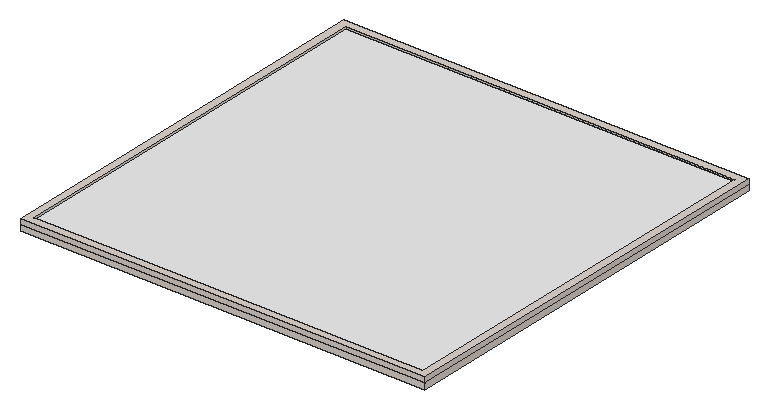
Revit family "SKY LED FLAT PANEL", category Lighting Fixtures, host Face, Revit 2020 (continued)
Types (13): name | Wattage | WATTS | built-in parameter 1150134 | Replaces/Equiv.(MH) | Photometric Web File | Order number | built-in parameter 1150142 | Model | built-in parameter 1150105 | Lumens | built-in parameter 1150107 | built-in parameter 1150106 | Fixture Width | Fixture Length | Default Elevation | Apparent Load
    48     \r\n 1.57     1.65     1.74     1.82     1.91     1.99     2.08     2.16     2.24     2.33     \r\n 2.41     2.50     2.58     2.66     2.74     2.81     2.89     2.96     3.03     3.10     \r\n 3.17     3.24     3.31     3.38     3.46     3.53     3.60     3.67     3.73     3.80     \r\n 3.87     3.94     4.00     4.07     4.14     4.21     4.26     4.33     4.39     4.46     \r\n 4.52     4.58     4.64     4.71     4.77     4.84     4.90     4.97     5.04     5.10     \r\n 5.17     5.24     5.31     5.37     5.44     5.51     5.58     5.65     5.72     5.78     \r\n 5.85     5.92     5.99     6.05     6.12     6.19     6.26     6.32     6.38     6.43     \r\n 6.48     6.52     6.55     6.56     6.56     6.56     6.56     6.56     6.56     6.55     \r\n 5.97     \r\n1298.22  1296.44  1294.33  1291.58  1288.51  1285.22  1281.17  1276.67  1271.87  1266.61  \r\n 1260.89  1254.62  1248.13  1240.99  1233.66  1225.60  1217.31  1208.80  1199.91  1190.48  \r\n 1180.77  1170.85  1159.96  1149.37  1137.81  1126.63  1114.75  1102.56  1090.00  1077.13  \r\n 1064.06  1050.54  1036.51  1022.41  1008.37  993.77   978.47   963.31   947.89   932.25   \r\n 915.90   899.67   883.16   866.24   849.26   831.78   814.43   796.52   778.44   760.62   \r\n 741.82   723.50   704.59   685.73   666.27   647.22   627.44   607.84   588.24   568.42   \r\n 548.08   528.10   507.52   487.23   466.94   446.31   425.93   405.16   385.04   364.18   \r\n 344.19   323.69   303.82   283.43   263.69   244.19   224.78   205.55   186.55   168.18   \r\n 149.85   132.02   114.66   97.75    81.14    65.59    50.03    35.24    21.45    8.23     \r\n 1.10     0.95     1.02     1.10     1.18     1.26     1.34     1.43     1.51     1.60     \r\n 1.69     1.78     1.87     1.96     2.05     2.14     2.23     2.32     2.41     2.50     \r\n 2.59     2.67     2.76     2.84     2.93     3.01     3.08     3.16     3.24     3.30     \r\n 3.37     3.43     3.50     3.57     3.65     3.72     3.78     3.85     3.91     3.98     \r\n 4.04     4.11     4.17     4.23     4.29     4.35     4.40     4.46     4.52     4.57     \r\n 4.63     4.67     4.71     4.76     4.83     4.91     5.00     5.08     5.14     5.19     \r\n 5.25     5.31     5.38     5.44     5.50     5.57     5.63     5.69     5.76     5.82     \r\n 5.89     5.95     6.02     6.09     6.15     6.21     6.27     6.34     6.40     6.46     \r\n 6.52     6.58     6.64     6.69     6.70     6.69     6.69     6.68     6.68     6.66     \r\n 5.97     \r\n1298.22  1296.60  1294.36  1291.91  1288.82  1285.26  1281.14  1276.83  1271.93  1266.58  \r\n 1260.81  1254.59  1248.23  1240.99  1233.83  1225.93  1217.94  1209.13  1200.25  1190.99  \r\n 1181.52  1171.24  1160.67  1150.23  1138.94  1127.46  1115.85  1103.93  1091.34  1078.65  \r\n 1065.39  1052.34  1038.46  1024.92  1009.99  995.99   981.06   965.92   950.66   934.75   \r\n 919.06   902.71   886.66   869.45   852.79   835.78   818.35   800.50   782.48   764.76   \r\n 746.38   727.86   708.87   690.09   671.09   651.77   632.30   612.63   592.75   573.16   \r\n 552.73   532.79   512.17   492.09   471.39   451.01   430.27   409.75   389.44   368.71   \r\n 348.34   327.80   307.87   287.46   267.50   247.84   228.47   209.02   190.37   171.17   \r\n 153.10   135.04   117.64   100.61   83.57    67.75    51.79    36.79    22.84    9.95     \r\n 1.31     1.01     1.06     1.12     1.19     1.27     1.34     1.42     1.51     1.59     \r\n 1.68     1.77     1.86     1.95     2.04     2.13     2.22     2.31     2.40     2.49     \r\n 2.58     2.67     2.75     2.84     2.92     3.00     3.08     3.16     3.23     3.30     \r\n 3.37     3.43     3.50     3.57     3.64     3.71     3.78     3.85     3.91     3.98     \r\n 4.04     4.11     4.17     4.23     4.30     4.36     4.43     4.49     4.56     4.62     \r\n 4.69     4.74     4.80     4.87     4.95     5.03     5.14     5.24     5.30     5.37     \r\n 5.44     5.51     5.57     5.64     5.71     5.78     5.85     5.91     5.98     6.05     \r\n 6.12     6.18     6.24     6.30     6.37     6.43     6.49     6.53     6.58     6.62     \r\n 6.65     6.67     6.69     6.69     6.68     6.68     6.67     6.67     6.66     6.65     \r\n 5.97     \r\n1298.22  1296.47  1294.10  1291.62  1288.68  1284.88  1280.90  1276.38  1271.48  1266.14  \r\n 1260.66  1254.45  1248.32  1241.02  1233.69  1225.83  1217.97  1209.51  1200.81  1191.77  \r\n 1182.21  1172.36  1162.03  1151.72  1140.70  1129.44  1117.91  1106.27  1093.83  1081.33  \r\n 1068.67  1055.46  1041.72  1028.19  1014.15  999.84   985.04   969.98   955.08   939.43   \r\n 923.90   907.25   891.44   874.69   857.90   840.66   823.35   805.84   787.89   770.01   \r\n 751.52   733.37   714.21   695.52   676.11   656.97   637.09   617.46   597.54   577.73   \r\n 557.22   536.98   516.44   495.83   475.21   454.07   433.68   412.59   392.09   370.84   \r\n 350.54   329.58   309.20   288.50   268.31   248.28   228.50   208.74   189.41   170.59   \r\n 151.82   133.61   115.79   98.59    81.50    65.75    50.00    34.80    21.10    8.16     \r\n 1.24     1.08     1.11     1.15     1.22     1.30     1.38     1.46     1.55     1.63     \r\n 1.72     1.81     1.89     1.99     2.07     2.16     2.25     2.34     2.43     2.52     \r\n 2.61     2.70     2.78     2.86     2.94     3.01     3.09     3.16     3.23     3.29     \r\n 3.36     3.44     3.52     3.59     3.66     3.74     3.81     3.88     3.95     4.02     \r\n 4.09     4.16     4.23     4.30     4.37     4.44     4.51     4.57     4.64     4.70     \r\n 4.77     4.83     4.88     4.95     5.04     5.13     5.25     5.34     5.40     5.46     \r\n 5.53     5.59     5.65     5.72     5.78     5.86     5.93     6.00     6.07     6.14     \r\n 6.21     6.27     6.33     6.39     6.44     6.48     6.52     6.55     6.57     6.59     \r\n 6.61     6.61     6.62     6.61     6.59     6.58     6.55     6.53     6.51     6.48     \r\n 5.97     \r\n1298.22  1296.91  1294.64  1292.07  1289.02  1285.54  1281.61  1277.12  1272.45  1267.24  \r\n 1262.04  1255.87  1249.47  1242.90  1235.90  1228.31  1220.53  1212.45  1204.23  1195.33  \r\n 1186.25  1176.43  1167.00  1156.66  1146.31  1135.00  1124.02  1112.62  1100.71  1088.61  \r\n 1076.22  1063.79  1050.42  1037.49  1023.45  1009.72  995.47   981.07   966.23   950.91   \r\n 935.67   919.98   904.03   887.29   870.86   853.71   836.62   818.86   800.64   782.85   \r\n 764.24   745.76   726.32   707.17   687.80   668.01   647.98   627.75   607.56   587.28   \r\n 566.28   545.78   524.60   503.88   482.76   461.58   440.19   419.01   398.02   376.55   \r\n 355.56   334.33   313.62   292.65   271.98   251.56   231.43   211.71   192.30   172.46   \r\n 153.87   135.30   117.29   99.85    82.61    66.58    50.64    35.77    21.68    9.48     \r\n 1.36     1.14     1.18     1.24     1.27     1.32     1.39     1.47     1.56     1.64     \r\n 1.72     1.81     1.90     1.99     2.07     2.16     2.25     2.34     2.43     2.52     \r\n 2.61     2.69     2.77     2.85     2.94     3.01     3.09     3.17     3.24     3.32     \r\n 3.40     3.48     3.55     3.63     3.70     3.78     3.85     3.92     4.00     4.06     \r\n 4.14     4.20     4.28     4.35     4.42     4.49     4.56     4.62     4.67     4.72     \r\n 4.78     4.83     4.89     4.97     5.05     5.14     5.25     5.35     5.42     5.49     \r\n 5.56     5.63     5.70     5.77     5.83     5.89     5.95     6.01     6.06     6.10     \r\n 6.15     6.18     6.22     6.25     6.28     6.30     6.33     6.35     6.37     6.37     \r\n 6.38     6.39     6.38     6.37     6.36     6.35     6.33     6.31     6.30     6.28     \r\n 5.97     \r\n1298.22  1296.66  1294.32  1291.92  1288.69  1285.38  1281.63  1277.57  1273.03  1268.07  \r\n 1262.79  1257.21  1251.26  1244.94  1237.96  1230.84  1223.61  1215.66  1207.79  1199.07  \r\n 1190.58  1181.79  1172.19  1162.67  1152.46  1142.23  1131.38  1120.60  1109.09  1097.27  \r\n 1085.51  1072.87  1060.22  1046.96  1033.51  1019.29  1004.98  990.44   975.80   960.25   \r\n 944.45   928.11   911.57   894.48   877.17   859.52   841.74   823.60   805.08   786.54   \r\n 767.45   748.37   728.64   709.24   689.21   669.38   648.79   628.64   608.10   587.39   \r\n 566.31   545.44   524.09   503.02   481.55   460.03   438.93   417.16   396.14   374.29   \r\n 353.41   331.72   310.80   289.55   268.82   248.27   228.10   207.81   187.99   168.65   \r\n 149.47   130.79   112.42   95.34    78.35    62.87    47.39    32.81    19.11    7.22     \r\n 1.25     1.17     1.19     1.26     1.33     1.38     1.44     1.50     1.59     1.67     \r\n 1.75     1.84     1.93     2.02     2.11     2.20     2.29     2.37     2.46     2.55     \r\n 2.64     2.73     2.81     2.89     2.97     3.04     3.13     3.21     3.29     3.37     \r\n 3.44     3.52     3.60     3.67     3.75     3.82     3.89     3.97     4.04     4.11     \r\n 4.18     4.25     4.32     4.38     4.44     4.51     4.56     4.63     4.69     4.75     \r\n 4.81     4.87     4.93     4.99     5.07     5.16     5.25     5.33     5.40     5.45     \r\n 5.51     5.56     5.61     5.67     5.71     5.76     5.79     5.84     5.87     5.90     \r\n 5.92     5.94     5.97     5.99     6.00     6.02     6.04     6.05     6.06     6.07     \r\n 6.08     6.08     6.08     6.07     6.07     6.07     6.07     6.06     6.06     6.06     \r\n 5.97     \r\n1298.22  1296.63  1294.63  1292.38  1289.53  1286.29  1282.89  1278.91  1274.85  1270.18  \r\n 1265.12  1259.97  1254.30  1248.15  1242.10  1235.49  1228.41  1221.08  1213.57  1205.76  \r\n 1197.37  1188.73  1179.94  1170.65  1160.99  1150.79  1140.41  1129.48  1118.59  1106.57  \r\n 1094.17  1082.13  1068.77  1055.31  1040.95  1026.66  1011.58  996.71   980.77   964.73   \r\n 948.81   932.01   915.31   897.74   880.72   862.74   844.66   826.37   807.64   788.92   \r\n 769.89   750.80   730.76   711.14   691.06   671.07   650.55   630.04   609.49   588.77   \r\n 567.56   546.62   525.06   504.07   482.65   461.22   439.59   418.28   396.88   375.24   \r\n 354.01   332.48   311.39   290.47   269.34   249.18   228.84   208.32   188.86   169.06   \r\n 150.33   131.60   113.47   95.52    78.56    62.82    47.23    33.28    19.33    8.24     \r\n 1.23     1.16     1.18     1.25     1.32     1.41     1.47     1.53     1.60     1.68     \r\n 1.76     1.85     1.94     2.03     2.12     2.21     2.29     2.38     2.47     2.56     \r\n 2.64     2.72     2.81     2.89     2.98     3.06     3.14     3.23     3.30     3.38     \r\n 3.46     3.53     3.61     3.69     3.76     3.84     3.91     3.98     4.05     4.11     \r\n 4.18     4.24     4.30     4.37     4.43     4.48     4.53     4.60     4.65     4.71     \r\n 4.76     4.82     4.87     4.94     5.01     5.07     5.13     5.18     5.22     5.26     \r\n 5.31     5.35     5.39     5.43     5.47     5.50     5.54     5.56     5.59     5.62     \r\n 5.64     5.67     5.70     5.72     5.74     5.77     5.79     5.81     5.83     5.85     \r\n 5.86     5.87     5.89     5.90     5.91     5.92     5.92     5.93     5.93     5.93     \r\n 5.97     \r\n1298.22  1296.68  1294.92  1292.76  1290.07  1286.98  1283.99  1280.54  1276.49  1272.14  \r\n 1267.66  1262.75  1257.34  1251.47  1245.81  1239.33  1232.79  1225.80  1218.42  1210.98  \r\n 1202.70  1194.51  1185.17  1176.05  1166.21  1155.81  1145.05  1133.73  1121.71  1109.73  \r\n 1096.74  1083.18  1069.45  1055.12  1040.69  1025.76  1010.42  994.66   978.86   962.38   \r\n 945.73   928.58   911.46   893.78   876.08   857.75   839.79   821.25   802.31   783.63   \r\n 764.24   744.96   725.27   705.64   685.49   665.59   644.75   624.52   604.10   583.56   \r\n 562.22   541.38   519.90   498.93   477.43   455.82   434.77   413.11   391.95   370.13   \r\n 349.21   327.58   306.78   285.32   264.73   244.21   223.92   203.76   183.94   164.81   \r\n 145.65   127.16   109.09   91.70    74.57    59.02    43.79    30.02    17.09    6.53     \r\n 1.20     1.14     1.19     1.27     1.35     1.43     1.50     1.57     1.64     1.72     \r\n 1.80     1.89     1.98     2.07     2.16     2.24     2.33     2.42     2.51     2.60     \r\n 2.68     2.77     2.86     2.94     3.02     3.11     3.19     3.27     3.35     3.43     \r\n 3.51     3.59     3.67     3.73     3.80     3.87     3.94     4.00     4.06     4.12     \r\n 4.18     4.24     4.30     4.35     4.41     4.46     4.51     4.56     4.61     4.67     \r\n 4.72     4.77     4.82     4.88     4.93     4.97     5.02     5.06     5.12     5.15     \r\n 5.20     5.23     5.27     5.30     5.33     5.36     5.39     5.43     5.46     5.49     \r\n 5.52     5.54     5.57     5.60     5.62     5.65     5.67     5.69     5.72     5.74     \r\n 5.76     5.78     5.80     5.82     5.84     5.86     5.87     5.89     5.90     5.91     \r\n 5.97     \r\n1298.22  1297.36  1295.78  1293.98  1291.75  1289.38  1286.32  1282.82  1279.46  1275.33  \r\n 1271.22  1266.53  1261.57  1256.30  1250.47  1244.57  1237.82  1231.14  1223.61  1216.19  \r\n 1207.80  1198.92  1190.27  1180.20  1170.05  1159.08  1147.83  1135.77  1123.34  1110.29  \r\n 1096.82  1083.55  1069.32  1055.21  1040.00  1025.00  1009.42  993.72   977.55   961.06   \r\n 944.60   927.59   910.60   892.63   875.23   857.15   838.99   820.66   801.61   783.00   \r\n 763.86   744.75   724.93   705.27   685.45   665.49   645.02   624.61   603.88   583.59   \r\n 562.28   541.50   520.13   499.32   477.72   456.70   435.16   413.84   392.59   371.03   \r\n 349.88   328.26   307.42   286.35   265.56   245.10   224.76   204.86   185.35   165.62   \r\n 146.98   128.36   110.45   93.13    75.93    60.13    44.50    30.51    17.49    7.23     \r\n 1.08     1.09     1.17     1.25     1.33     1.41     1.49     1.57     1.64     1.72     \r\n 1.80     1.88     1.97     2.06     2.15     2.25     2.33     2.43     2.52     2.60     \r\n 2.69     2.78     2.87     2.95     3.04     3.12     3.21     3.28     3.36     3.44     \r\n 3.51     3.58     3.65     3.72     3.78     3.85     3.91     3.97     4.03     4.09     \r\n 4.15     4.20     4.26     4.31     4.36     4.41     4.46     4.51     4.56     4.60     \r\n 4.65     4.70     4.75     4.81     4.85     4.91     4.96     4.99     5.03     5.06     \r\n 5.09     5.12     5.15     5.19     5.22     5.25     5.28     5.31     5.34     5.37     \r\n 5.40     5.42     5.45     5.48     5.51     5.54     5.57     5.60     5.63     5.66     \r\n 5.69     5.72     5.75     5.78     5.80     5.83     5.85     5.87     5.89     5.91     \r\n 5.97     \r\n1298.22  1297.15  1295.94  1294.10  1291.99  1289.48  1286.70  1283.65  1280.11  1276.22  \r\n 1272.13  1267.43  1262.36  1257.04  1251.75  1245.57  1238.96  1232.33  1224.68  1216.88  \r\n 1208.08  1198.92  1189.38  1179.22  1168.06  1156.88  1144.71  1132.30  1119.23  1105.87  \r\n 1092.42  1078.33  1063.96  1049.17  1034.48  1018.99  1003.37  987.42   971.35   954.92   \r\n 937.83   920.71   903.54   885.89   868.00   849.94   831.76   813.11   794.38   775.38   \r\n 756.07   736.89   717.18   697.48   677.41   657.62   636.69   616.42   595.82   575.27   \r\n 554.21   533.07   511.98   490.58   469.41   447.68   426.85   405.23   383.93   362.51   \r\n 341.42   319.99   299.05   277.71   257.21   236.61   216.61   196.53   176.93   157.83   \r\n 138.91   120.69   102.88   85.89    70.02    54.17    39.13    25.43    12.43    3.35     \r\n 1.05     1.07     1.16     1.24     1.33     1.41     1.50     1.58     1.66     1.75     \r\n 1.84     1.93     2.03     2.11     2.20     2.30     2.39     2.48     2.56     2.65     \r\n 2.74     2.82     2.90     2.99     3.07     3.14     3.22     3.29     3.36     3.44     \r\n 3.51     3.57     3.64     3.70     3.77     3.83     3.90     3.96     4.02     4.07     \r\n 4.13     4.19     4.24     4.29     4.33     4.38     4.44     4.48     4.53     4.58     \r\n 4.62     4.67     4.71     4.76     4.80     4.84     4.87     4.91     4.94     4.97     \r\n 5.01     5.04     5.07     5.10     5.13     5.17     5.20     5.23     5.27     5.30     \r\n 5.34     5.37     5.41     5.44     5.48     5.52     5.56     5.59     5.63     5.67     \r\n 5.71     5.74     5.78     5.82     5.85     5.88     5.91     5.94     5.96     5.97     \r\n 5.97     \r\n1298.22  1297.36  1296.21  1294.90  1293.20  1291.30  1288.62  1285.79
      1282.35  1278.90  \r\n 1274.95  1270.68  1266.17  1260.99  1255.72  1249.65  1243.19  1235.98  1228.60  1220.70  \r\n 1212.02  1202.75  1193.22  1182.83  1171.65  1160.09  1148.28  1135.92  1123.10  1109.71  \r\n 1096.17  1082.30  1067.74  1053.43  1038.24  1023.33  1007.48  991.95   975.62   959.23   \r\n 942.61   925.10   908.38   890.62   873.04   854.84   836.76   818.05   798.96   780.33   \r\n 760.94   741.74   721.94   702.45   682.35   662.34   641.89   621.34   600.68   580.03   \r\n 558.82   538.04   516.51   495.67   474.18   453.00   431.27   409.96   388.73   367.02   \r\n 345.87   324.51   303.52   282.52   261.65   241.26   221.02   200.80   181.46   161.85   \r\n 143.39   124.94   107.15   89.94    73.19    57.62    42.38    28.77    15.51    4.37     \r\n 0.96     1.02     1.10     1.19     1.27     1.36     1.44     1.53     1.62     1.71     \r\n 1.80     1.89     1.99     2.08     2.17     2.26     2.35     2.44     2.53     2.61     \r\n 2.70     2.78     2.86     2.94     3.02     3.10     3.17     3.24     3.31     3.38     \r\n 3.45     3.52     3.58     3.64     3.71     3.77     3.82     3.88     3.93     3.99     \r\n 4.04     4.09     4.14     4.19     4.23     4.27     4.32     4.36     4.41     4.45     \r\n 4.49     4.53     4.58     4.62     4.66     4.70     4.74     4.78     4.83     4.86     \r\n 4.91     4.94     4.98     5.02     5.06     5.11     5.15     5.19     5.23     5.27     \r\n 5.31     5.36     5.39     5.44     5.48     5.53     5.57     5.61     5.65     5.69     \r\n 5.73     5.76     5.80     5.83     5.86     5.88     5.91     5.92     5.93     5.94     \r\n 5.97     \r\n" | "SFLP14D3835" | 298.42 (stored number, unit not read) | 3750 lm | 3500 (stored number, unit not read) | 2.9842 (stored number, unit not read) | 11.73047" | 47.80" | 0.00" | 47.5 VA
  SFLP14D3840 | 25.2454 W | 38 W | 12 | "2x32W FL" | "generic" | "14217K" | (empty or 0) | "SFLP14D3840" | 298.42 (stored number, unit not read) | 3750 lm | 4000 (stored number, unit not read) | 2.9842 (stored number, unit not read) | 11.73047" | 47.80" | 48.00" | 47.5 VA
